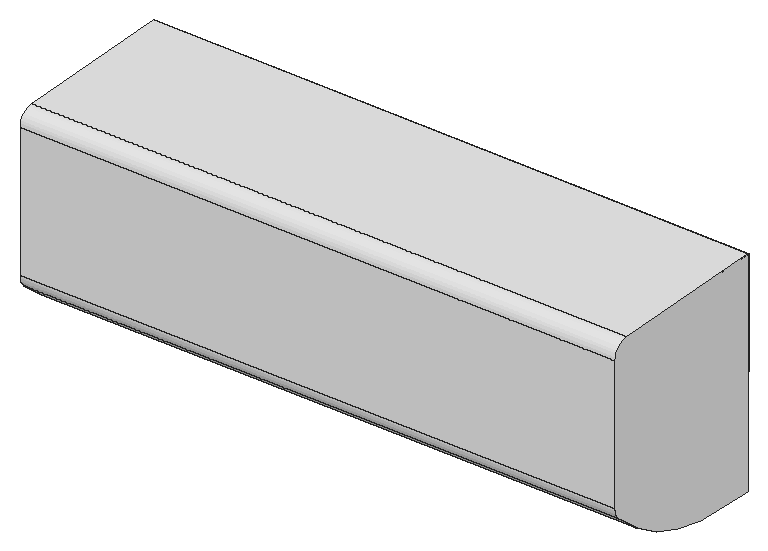
Revit family "Hitachi_RAS-25YHA4_RAS-35YHA5_0614", category Mechanical Equipment, Revit 2013
Parameters (values of type "RAS-25YHA4")
  show Overhead Dashed [instance] = no
  show Geometry [instance] = not(show Overhead Dashed)  # yes
  Width = 780 mm  # constant formula
  Weight (kg) = 7.5  # constant formula
  URL = "www.temperzone.biz"
  Outdoor Unit = "RAC-25YHA4"
  Pipe Length (min./max.) = "3m to 20m"
  Pipe Height (max.) = "10m"
  Pipe Connection Size - Gas = 9.5 mm  # 9.50 mm
  Pip Connection Size - Liquid = 6.4 mm  # 6.40 mm
  Model = "RAS-25YHA4"
  Manufacturer = "Hitachi"  # constant formula
  Height = 280 mm  # constant formula
  Heating Range (kW) = "1.0 kW to 4.2 kW"
  Heating Capacity = 3.2 kW
  Energy Star = yes
  Description = "Hitachi Wall Mounted 2.5kW Heatpump RAS-25YHA"
  Depth = 218 mm  # constant formula
  Dehumidifying Capacity = "1.4 l/h"
  Cooling Range (kW) = "1.0 kW to 3.2 kW"
  Cooling Capacity = 2.5 kW
Types (2, lengths in mm): name | Outdoor Unit | Model | Heating Range (kW) | Heating Capacity | Description | Dehumidifying Capacity | Cooling Range (kW) | Cooling Capacity
  RAS-35YHA5 | "RAC-35YHA5" | "RAS-35YHA5" | "1.1 kW to 5.6 kW" | 4.5 kW | "Hitachi Wall Mounted 3.5kW Heatpump RAS-35YHA" | "1.6 l/h" | "1.1 kW to 4.2 kW" | 3.5 kW
  RAS-25YHA4 | "RAC-25YHA4" | "RAS-25YHA4" | "1.0 kW to 4.2 kW" | 3.2 kW | "Hitachi Wall Mounted 2.5kW Heatpump RAS-25YHA" | "1.4 l/h" | "1.0 kW to 3.2 kW" | 2.5 kW
Reference planes
  plane 1 "Center (Front/Back)": y = 0
  plane 2: z = 0
  plane 3 "Center (Left/Right)": x = 0
  plane 4: x = -390
  plane 5: x = 390
  plane 6: z = 1000
Forms (mm)
  Sweep 1, solid, material "Temperzone - Heatpump", visible <- "show Geometry", detail levels coarse
    path origin (4267.2, -758.273, 1000) x (0, -1, 0) y (1, 0, 0)
      loop
        line (-758.273, -3877.2) -> (-758.273, -4657.2)
    profile "RAS-25HA3_RAS-35YHA3_Coarse : Type 1" origin (0, 0, 1000) x (0, -1, 0) y (0, 0, 1)
      loop
        line (0, -280) -> (218, -280) -> (218, 0) -> (0, 0) -> (0, -280)
  Sweep 2, solid, material "Temperzone - Heatpump", detail levels coarse
    path origin (4267.2, -758.273, 1000) x (0, -1, 0) y (1, 0, 0)
      loop
        line (-758.273, -3877.2) -> (-758.273, -4657.2)
    profile "RAS-25HA3_RAS-35YHA3_Coarse : Type 1" origin (0, 0, 1000) x (0, -1, 0) y (0, 0, 1)
      loop
        line (0, -280) -> (218, -280) -> (218, 0) -> (0, 0) -> (0, -280)
  Sweep 3, solid, material "Temperzone - Heatpump", visible <- "show Geometry", detail levels medium+fine
    path origin (4267.2, -758.273, 1000) x (0, -1, 0) y (1, 0, 0)
      loop
        line (-758.273, -3877.2) -> (-758.273, -4657.2)
    profile "RAS-25HA3_RAS-35YHA3_Medium : Type 1" origin (0, 0, 1000) x (0, -1, 0) y (0, 0, 1)
      loop
        line (0, -280) -> (78.39, -280)
        arc (78.39, -280) -> (150.174, -260.503) -> (211.776, -218.812) r 226.594
        arc (211.776, -218.812) -> (216.378, -212.202) -> (218, -204.313) r 20
        line (218, -204.313) -> (218, -30.404)
        arc (218, -30.404) -> (212.507, -16.637) -> (199.047, -10.432) r 20
        line (199.047, -10.432) -> (0, 0) -> (0, -280)
  Sweep 4, solid, material "Temperzone - Heatpump", detail levels medium+fine
    path origin (4267.2, -758.273, 1000) x (0, -1, 0) y (1, 0, 0)
      loop
        line (-758.273, -3877.2) -> (-758.273, -4657.2)
    profile "RAS-25HA3_RAS-35YHA3_Medium : Type 1" origin (0, 0, 1000) x (0, -1, 0) y (0, 0, 1)
      loop
        line (0, -280) -> (78.39, -280)
        arc (78.39, -280) -> (150.174, -260.503) -> (211.776, -218.812) r 226.594
        arc (211.776, -218.812) -> (216.378, -212.202) -> (218, -204.313) r 20
        line (218, -204.313) -> (218, -30.404)
        arc (218, -30.404) -> (212.507, -16.637) -> (199.047, -10.432) r 20
        line (199.047, -10.432) -> (0, 0) -> (0, -280)
Lines and regions (mm)
  symbolic lines, style "Overhead", visible <- "show Overhead Dashed"
    curve 1: line (-390, -218, 0) -> (-390, 0, 0)
    curve 2: line (-390, -218, 0) -> (390, -218, 0)
    curve 3: line (390, 0, 0) -> (-390, 0, 0)
    curve 4: line (390, 0, 0) -> (390, -218, 0)
Dimensions and locks
  equal spacing: plane 4, plane 3 "Center (Left/Right)", plane 5
  "Width": plane 4 to plane 5
  aligned and locked: level to plane 2
  aligned and locked: Sweep 1 sketch curve to plane 1 "Center (Front/Back)"
  aligned and locked: curve 1 to Sweep 2
  aligned and locked: curve 2 to Sweep 2
  aligned and locked: curve 3 to Sweep 4
  aligned and locked: curve 4 to Sweep 4
Automatic sketch dimensions
  Sweep 1 sketch curve to plane 4 = 0 mm
  Sweep 1 sketch curve to plane 5 = 0 mm
  plane 1 "Center (Front/Back)" to Sweep 2 sketch curve = 0 mm
  Sweep 2 sketch curve to plane 4 = 0 mm
  Sweep 2 sketch curve to plane 5 = 0 mm
  plane 1 "Center (Front/Back)" to Sweep 3 sketch curve = 0 mm
  Sweep 3 sketch curve to plane 4 = 0 mm
  Sweep 3 sketch curve to plane 5 = 0 mm
  plane 1 "Center (Front/Back)" to Sweep 4 sketch curve = 0 mm
  Sweep 4 sketch curve to plane 4 = 0 mm
  Sweep 4 sketch curve to plane 5 = 0 mm
